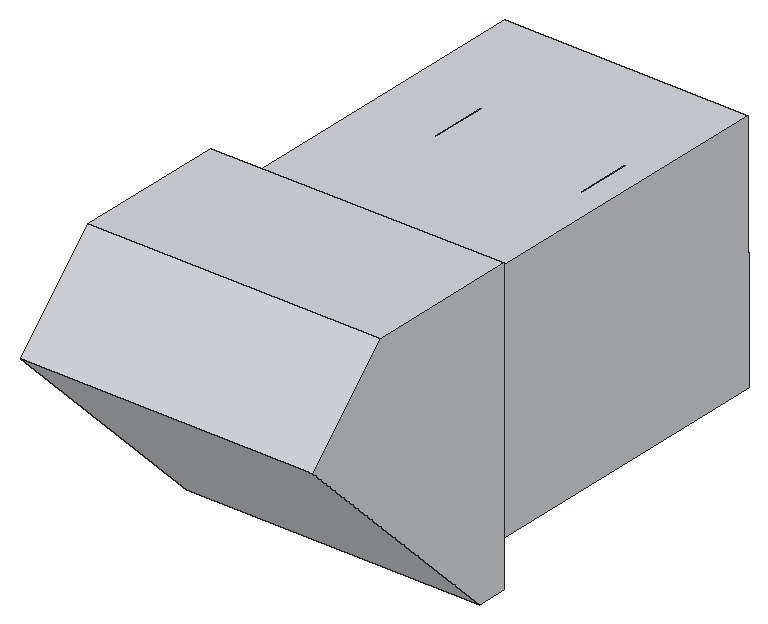
Revit family "XMPH_SUPPLY", category Mechanical Equipment, Revit 2019
Family settings
  Round Connector Dimension = Use Diameter
  Part Type = Normal
  Work Plane-Based = No
  Always vertical = Yes
  Cut with Voids When Loaded = No
  Shared = No
  Room Calculation Point = No
Parameters (values of type "20_XMPH_SUPPLY")
  WO_PAC = B_PAC + 0' 0 1/4"  # 2' - 1 1/4"
  WH_C = WH_B + 0' 3"  # 2' - 9"
  WH_B/2 = WH_B / 2  # 1' - 3"
  WH_B = 2' - 6"
  WH_A = 2' - 0 3/8"
  WEATHER_HOOD [instance] = yes
  Unit Weight [instance] = ""
  Sones [instance] = ""
  SIZE/2 = SIZE / 2  # 0' - 11 15/16"
  SIZE = D - 0' 0 1/8"  # 1' - 11 7/8"
  Motor RPM [instance] = ""
  Motor Enclosure [instance] = ""
  ModelID [instance] = ""
  MOTOR = D / 10  # 0' - 2.4"
  LwA [instance] = ""
  Fan RPM [instance] = ""
  D_PAC/2 = D_PAC / 2 - 0' 4"  # 1' - 1 3/16"
  D_PAC = 2' - 10 3/8"
  D/2 = D / 2  # 1' - 0"
  D = 2' - 0"
  E/2 = E / 2  # 0' - 1"
  E = 0' - 2"
  C_PAC/2 = C_PAC / 2  # 0' - 11"
  C_PAC = 1' - 10"
  C/2 = C / 2  # 0' - 2 5/8"
  C = 0' - 5 1/4"
  B_PAC/2 = B_PAC / 2  # 1' - 0 1/2"
  B_PAC = 2' - 1"
  B/4 = B / 4  # 0' - 4 49/64"
  B/2 = B / 2  # 0' - 9 17/32"
  B = 1' - 7 1/16"
  Accessories [instance] = ""
  A_PAC/2 = A_PAC / 2  # 1' - 1 3/4"
  A_PAC = 2' - 3 1/2"
  A/7 = A / 7  # 0' - 3.45536"
  A/3.5 = A / 3.5  # 0' - 6.91071"
  A/2 = A / 2  # 1' - 0 3/32"
  A = 2' - 0 3/16"
  90 = 90.00°  # constant formula
  9" = 0' - 9"  # constant formula
  4'6" = 4' - 6"  # constant formula
  3" = 0' - 3"  # constant formula
  Brake Hp [instance] = ""
  4" = 0' - 4"  # constant formula
  2' = 2' - 0"
  2" = 0' - 2"  # constant formula
  135 = 135.00°  # constant formula
  1" = 0' - 1"  # constant formula
  0 = 0' - 0"  # constant formula
  Voltage [instance] = 0 V
  URL = "www.lorencook.com"
  Type Comments = "Heavy Duty Medium-Pressure Wall-Pac Supply Fan Steel Propeller Belt Drive"  # constant formula
  Static Pressure [instance] = 0.00 in-wg
  Power [instance] = Voltage * Motor FLA * sqrt(if(Phase = 3, 3, 1))  # 0 VA
  Phase [instance] = 0
  Number of Poles [instance] = 1
  Motor Hp [instance] = "0"
  Motor FLA [instance] = 0 A
  Model = "XMPH_SUPPLY"  # constant formula
  Manufacturer = "Loren Cook Company"
  CFM [instance] = 0 CFM
  1.5 = 0' - 1 1/2"  # constant formula
  1/2 = 0' - 0 1/2"  # constant formula
  ONE EIGTH = 0' - 0 1/8"  # constant formula
  -WH_B/2 = -WH_B / 2  # -1' - 3"
  -D_PAC/2 = -D_PAC / 2 - 0' 4"  # -1' - 9 3/16"
  -D = -E  # -0' - 2"
  -C/2 = -C / 2  # -0' - 2 5/8"
  -B+1" = -B + 0' 2"  # -1' - 5 1/16"
  -B = -B  # -1' - 7 1/16"
  -((SIZE/2)-.25") = -((SIZE / 2) - 0' 0 1/4")  # -0' - 11 11/16"
  -((A/2)-C-.5") = -((A / 2) - C - 0' 0 1/2")  # -0' - 6 11/32"
  (SIZE/2)-.25" = (SIZE / 2) - 0' 0 1/4"  # 0' - 11 11/16"
  (D_SUP/2)-(C/2)-.125" = (D / 2) - (C / 2) - 0' 0 1/8"  # 0' - 9 1/4"
  (A/2)-C-.5" = (A / 2) - C - 0' 0 1/2"  # 0' - 6 11/32"
  (A/2)-1" = (A / 2) - 0' 0 1/4"  # 0' - 11 27/32"
Types (9): name | WO_PAC | WH_C | WH_B/2 | WH_B | WH_A | SIZE/2 | SIZE | MOTOR | D_PAC/2 | D_PAC | D/2 | D | E/2 | E | C_PAC/2 | C_PAC | C/2 | C | B_PAC/2 | B_PAC | B/4 | B/2 | B | A_PAC/2 | A_PAC | A/7 | A/3.5 | A/2 | A | -WH_B/2 | -D_PAC/2 | -D | -C/2 | -B+1" | -B | -((SIZE/2)-.25") | -((A/2)-C-.5") | (SIZE/2)-.25" | (D_SUP/2)-(C/2)-.125" | (A/2)-C-.5" | (A/2)-1"
  (no name) | 2' - 1 1/4" | 2' - 9" | 1' - 3" | 2' - 6" | 2' - 0 3/8" | 0' - 11 15/16" | 1' - 11 7/8" | 0' - 2.4" | 1' - 1 3/16" | 2' - 10 3/8" | 1' - 0" | 2' - 0" | 0' - 1" | 0' - 2" | 0' - 11" | 1' - 10" | 0' - 2 5/8" | 0' - 5 1/4" | 1' - 0 1/2" | 2' - 1" | 0' - 4 49/64" | 0' - 9 17/32" | 1' - 7 1/16" | 1' - 1 3/4" | 2' - 3 1/2" | 0' - 3.45536" | 0' - 6.91071" | 1' - 0 3/32" | 2' - 0 3/16" | -1' - 3" | -1' - 9 3/16" | -0' - 2" | -0' - 2 5/8" | -1' - 5 1/16" | -1' - 7 1/16" | -0' - 11 11/16" | -0' - 6 11/32" | 0' - 11 11/16" | 0' - 9 1/4" | 0' - 6 11/32" | 0' - 11 27/32"
  24_XMPH_SUPPLY | 2' - 7 1/4" | 3' - 1" | 1' - 5" | 2' - 10" | 2' - 3 1/8" | 1' - 2 15/16" | 2' - 5 7/8" | 0' - 3" | 1' - 1 3/16" | 2' - 10 3/8" | 1' - 3" | 2' - 6" | 0' - 1 1/2" | 0' - 3" | 1' - 1 3/4" | 2' - 3 1/2" | 0' - 3 3/8" | 0' - 6 3/4" | 1' - 3 1/2" | 2' - 7" | 0' - 4 49/64" | 0' - 9 17/32" | 1' - 7 1/16" | 1' - 4 3/4" | 2' - 9 1/2" | 0' - 4 5/16" | 0' - 8 5/8" | 1' - 3 3/32" | 2' - 6 3/16" | -1' - 5" | -1' - 9 3/16" | -0' - 3" | -0' - 3 3/8" | -1' - 5 1/16" | -1' - 7 1/16" | -1' - 2 11/16" | -0' - 7 27/32" | 1' - 2 11/16" | 0' - 11 1/2" | 0' - 7 27/32" | 1' - 2 27/32"
  30_XMPH_SUPPLY | 3' - 1 1/4" | 3' - 7" | 1' - 8" | 3' - 4" | 2' - 7 7/16" | 1' - 5 15/16" | 2' - 11 7/8" | 0' - 3.6" | 1' - 3" | 3' - 2" | 1' - 6" | 3' - 0" | 0' - 1 1/2" | 0' - 3" | 1' - 4 3/4" | 2' - 9 1/2" | 0' - 3 3/8" | 0' - 6 3/4" | 1' - 6 1/2" | 3' - 1" | 0' - 4 49/64" | 0' - 9 17/32" | 1' - 7 1/16" | 1' - 7 3/4" | 3' - 3 1/2" | 0' - 5.16964" | 0' - 10.33929" | 1' - 6 3/32" | 3' - 0 3/16" | -1' - 8" | -1' - 11" | -0' - 3" | -0' - 3 3/8" | -1' - 5 1/16" | -1' - 7 1/16" | -1' - 5 11/16" | -0' - 10 27/32" | 1' - 5 11/16" | 1' - 2 1/2" | 0' - 10 27/32" | 1' - 5 27/32"
  36_XMPH_SUPPLY | 3' - 7 1/4" | 4' - 1" | 1' - 11" | 3' - 10" | 2' - 11 11/16" | 1' - 8 15/16" | 3' - 5 7/8" | 0' - 4.2" | 1' - 3 3/4" | 3' - 3 1/2" | 1' - 9" | 3' - 6" | 0' - 1 1/2" | 0' - 3" | 1' - 7 3/4" | 3' - 3 1/2" | 0' - 3 11/16" | 0' - 7 3/8" | 1' - 9 1/2" | 3' - 7" | 0' - 4 49/64" | 0' - 9 17/32" | 1' - 7 1/16" | 1' - 10 3/4" | 3' - 9 1/2" | 0' - 6.02679" | 1' - 0.05357" | 1' - 9 3/32" | 3' - 6 3/16" | -1' - 11" | -1' - 11 3/4" | -0' - 3" | -0' - 3 11/16" | -1' - 5 1/16" | -1' - 7 1/16" | -1' - 8 11/16" | -1' - 1 7/32" | 1' - 8 11/16" | 1' - 5 3/16" | 1' - 1 7/32" | 1' - 8 27/32"
  42_XMPH_SUPPLY | 4' - 1 5/16" | 4' - 7" | 2' - 2" | 4' - 4" | 3' - 3 15/16" | 1' - 11 15/16" | 3' - 11 7/8" | 0' - 4.8" | 1' - 4 1/2" | 3' - 5" | 2' - 0" | 4' - 0" | 0' - 1 1/2" | 0' - 3" | 1' - 10 3/4" | 3' - 9 1/2" | 0' - 3 25/32" | 0' - 7 9/16" | 2' - 0 17/32" | 4' - 1 1/16" | 0' - 5 11/64" | 0' - 10 11/32" | 1' - 8 11/16" | 2' - 1 3/4" | 4' - 3 1/2" | 0' - 6.88393" | 1' - 1.76786" | 2' - 0 3/32" | 4' - 0 3/16" | -2' - 2" | -2' - 0 1/2" | -0' - 3" | -0' - 3 25/32" | -1' - 6 11/16" | -1' - 8 11/16" | -1' - 11 11/16" | -1' - 4 1/32" | 1' - 11 11/16" | 1' - 8 3/32" | 1' - 4 1/32" | 1' - 11 27/32"
  48_XMPH_SUPPLY | 4' - 7 5/16" | 5' - 1" | 2' - 5" | 4' - 10" | 3' - 8 3/16" | 2' - 2 15/16" | 4' - 5 7/8" | 0' - 5.4" | 1' - 9 1/2" | 4' - 3" | 2' - 3" | 4' - 6" | 0' - 1 1/2" | 0' - 3" | 2' - 1 3/4" | 4' - 3 1/2" | 0' - 3 15/16" | 0' - 7 7/8" | 2' - 3 17/32" | 4' - 7 1/16" | 0' - 6 37/64" | 1' - 1 5/32" | 2' - 2 5/16" | 2' - 4 3/4" | 4' - 9 1/2" | 0' - 7.74107" | 1' - 3.48214" | 2' - 3 3/32" | 4' - 6 3/16" | -2' - 5" | -2' - 5 1/2" | -0' - 3" | -0' - 3 15/16" | -2' - 0 5/16" | -2' - 2 5/16" | -2' - 2 11/16" | -1' - 6 23/32" | 2' - 2 11/16" | 1' - 10 15/16" | 1' - 6 23/32" | 2' - 2 27/32"
  54_XMPH_SUPPLY | 5' - 1 3/8" | 5' - 7" | 2' - 8" | 5' - 4" | 4' - 0 7/16" | 2' - 5 15/16" | 4' - 11 7/8" | 0' - 6" | 1' - 8" | 4' - 0" | 2' - 6" | 5' - 0" | 0' - 1 1/2" | 0' - 3" | 2' - 4 3/4" | 4' - 9 1/2" | 0' - 3 7/8" | 0' - 7 3/4" | 2' - 6 9/16" | 5' - 1 1/8" | 0' - 6 37/64" | 1' - 1 5/32" | 2' - 2 5/16" | 2' - 7 3/4" | 5' - 3 1/2" | 0' - 8.59821" | 1' - 5.19643" | 2' - 6 3/32" | 5' - 0 3/16" | -2' - 8" | -2' - 4" | -0' - 3" | -0' - 3 7/8" | -2' - 0 5/16" | -2' - 2 5/16" | -2' - 5 11/16" | -1' - 9 27/32" | 2' - 5 11/16" | 2' - 2" | 1' - 9 27/32" | 2' - 5 27/32"
  60_XMPH_SUPPLY | 5' - 7 3/8" | 6' - 1" | 2' - 11" | 5' - 10" | 4' - 4 5/8" | 2' - 8 15/16" | 5' - 5 7/8" | 0' - 6.6" | 1' - 8" | 4' - 0" | 2' - 9" | 5' - 6" | 0' - 1 1/2" | 0' - 3" | 2' - 7 3/4" | 5' - 3 1/2" | 0' - 3 15/16" | 0' - 7 7/8" | 2' - 9 9/16" | 5' - 7 1/8" | 0' - 6 37/64" | 1' - 1 5/32" | 2' - 2 5/16" | 2' - 10 3/4" | 5' - 9 1/2" | 0' - 9.45536" | 1' - 6.91071" | 2' - 9 3/32" | 5' - 6 3/16" | -2' - 11" | -2' - 4" | -0' - 3" | -0' - 3 15/16" | -2' - 0 5/16" | -2' - 2 5/16" | -2' - 8 11/16" | -2' - 0 23/32" | 2' - 8 11/16" | 2' - 4 15/16" | 2' - 0 23/32" | 2' - 8 27/32"
  20_XMPH_SUPPLY | 2' - 1 1/4" | 2' - 9" | 1' - 3" | 2' - 6" | 2' - 0 3/8" | 0' - 11 15/16" | 1' - 11 7/8" | 0' - 2.4" | 1' - 1 3/16" | 2' - 10 3/8" | 1' - 0" | 2' - 0" | 0' - 1" | 0' - 2" | 0' - 11" | 1' - 10" | 0' - 2 5/8" | 0' - 5 1/4" | 1' - 0 1/2" | 2' - 1" | 0' - 4 49/64" | 0' - 9 17/32" | 1' - 7 1/16" | 1' - 1 3/4" | 2' - 3 1/2" | 0' - 3.45536" | 0' - 6.91071" | 1' - 0 3/32" | 2' - 0 3/16" | -1' - 3" | -1' - 9 3/16" | -0' - 2" | -0' - 2 5/8" | -1' - 5 1/16" | -1' - 7 1/16" | -0' - 11 11/16" | -0' - 6 11/32" | 0' - 11 11/16" | 0' - 9 1/4" | 0' - 6 11/32" | 0' - 11 27/32"
Reference planes (in)
  plane 1 "Center (Front/Back)": y = 0
  plane 2: z = 0
  plane 3 "Center (Left/Right)": x = 0.40541
Forms (in)
  Revolve 1, solid
    sketch origin (0.40541, 0, 0) x (0, 1, 0) y (0, 0, 1)
      loop
        line (-3.625, 2.625) -> (-3.625, 0) -> (-2.625, 0) -> (-2.625, 2.625) -> (-3.625, 2.625)
      axis (-3.625, 0) -> (-2.625, 0)
    angle from 0 to 360
  Extrusion 2, solid
    sketch origin (0.40541, 0, 0) x (0, 1, 0) y (0, 0, 1)
      loop
        line (0, -2.625) -> (-5.25, 2.625) -> (-5.33839, 2.53661) -> (-0.08839, -2.71339) -> (0, -2.625)
    from 48 to 2.625 <- "C/2"
  Extrusion 3, solid
    sketch origin (0.40541, 0, 0) x (0, 1, 0) y (-1, 0, 0)
      loop
        line (0, -2.625) -> (-5.25, 2.625) -> (-5.33839, 2.53661) -> (-0.08839, -2.71339) -> (0, -2.625)
    from 48 to 2.625 <- "C/2"
  Extrusion 4, solid
    sketch origin (0.40541, 0, 0) x (0, 1, 0) y (0, 0, -1)
      loop
        line (0, -2.625) -> (-5.25, 2.625) -> (-5.33839, 2.53661) -> (-0.08839, -2.71339) -> (0, -2.625)
    from 48 to 2.625 <- "C/2"
  Extrusion 5, solid
    sketch origin (0.40541, 0, 0) x (1, 0, 0) y (0, 1, 0)
      loop
        line (-2.625, 0) -> (-2.71339, -0.08839) -> (2.53661, -5.33839) -> (2.625, -5.25) -> (-2.625, 0)
    from -48 to -2.625 <- "-C/2"
  Extrusion 6, void
    sketch origin (0, 0, 0) x (1, 0, 0) y (0, 0, 1)
      loop
        circle (0.40541, 0) r 9.25
      loop
        circle (0.40541, 0) r 54
    from 0 to 10
  Extrusion 7, solid
    sketch origin (0, 0, 0) x (1, 0, 0) y (0, 0, 1)
      loop
        line (-11.68834, 12.09375) -> (-11.68834, -12.09375) -> (12.49916, -12.09375) -> (12.49916, 12.09375) -> (-11.68834, 12.09375)
      loop
        circle (0.40541, 0) r 12
    from 0 to -0.125
  Extrusion 8, solid
    sketch origin (0, 0, 0) x (1, 0, 0) y (0, 0, 1)
      loop
        line (-11.68834, 12.09375) -> (-11.68834, -12.09375) -> (12.49916, -12.09375) -> (12.49916, 12.09375) -> (-11.68834, 12.09375)
      loop
        line (12.37416, -11.96875) -> (12.37416, 11.96875) -> (-11.56334, 11.96875) -> (-11.56334, -11.96875) -> (12.37416, -11.96875)
    from 0 to -2 <- "-D"
  Extrusion 9, solid
    sketch origin (0, 0, 0) x (1, 0, 0) y (0, 0, 1)
      loop
        circle (0.40541, 0) r 1
    from 2 to -19.0625 <- "-B"
  Extrusion 10, solid
    sketch origin (0, 0, 0) x (1, 0, 0) y (0, 0, 1)
      loop
        line (-6.5053, -2) -> (-6.5053, -11) -> (-6.3803, -11) -> (-6.3803, -3.5) -> (7.19113, -3.5) -> (7.19113, -11) -> (7.31613, -11) -> (7.31613, -2) -> (-6.5053, -2)
    from 0 to -17.0625 <- "-B+1""
  Sweep 11, solid
    path origin (0.40541, 0, 0) x (0, 1, 0) y (0, 0, 1)
      loop
        line (0.125, 10.96875) -> (11.29687, 10.96875)
        arc (11.29687, 10.96875) -> (14.66668, 9.57293) -> (16.0625, 6.20312) r 4.76563
        line (16.0625, 6.20312) -> (16.0625, -6.20312)
        arc (16.0625, -6.20312) -> (14.66668, -9.57293) -> (11.29687, -10.96875) r 4.76563
        line (11.29687, -10.96875) -> (0.125, -10.96875)
    profile origin (0.40541, 5.71094, 10.96875) x (0, 0, 1) y (1, 0, 0)
      loop
        circle (0, -7.41071) r 0.5
      loop
        circle (0, 7.41071) r 0.5
  Revolve 12, solid
    sketch origin (0.40541, 0, 0) x (0, 1, 0) y (0, 0, 1)
      loop
        arc (-0.125, 12) -> (-2.75, 9.375) -> (-5.375, 12) r 2.625
        line (-5.375, 12) -> (-5.5, 12)
        arc (-5.5, 12) -> (-2.75, 9.25) -> (0, 12) r 2.75
        line (0, 12) -> (-0.125, 12)
      axis (-5.5, 0) -> (0, 0)
    angle from 0 to 360
  Extrusion 13, solid
    sketch origin (0, 17.0625, 0) x (-1, 0, 0) y (0, 0, 1)
      loop
        circle (-0.40541, -5.9) r 2.4
    from 0 to -17.0625 <- "-B+1""
  Extrusion 14, solid
    sketch origin (0, 19.0625, 0) x (-1, 0, 0) y (0, 0, 1)
      loop
        circle (-0.40541, -5.9) r 1
    from 0 to -2
  Extrusion 15, solid
    sketch origin (0, 17.0625, 0) x (-1, 0, 0) y (0, 0, 1)
      loop
        line (-3.40541, -0.5) -> (-3.40541, -2) -> (2.59459, -2) -> (2.59459, -0.5) -> (1.53108, -0.5)
        arc (1.53108, -0.5) -> (-0.40541, 2) -> (-2.3419, -0.5) r 2
        line (-2.3419, -0.5) -> (-3.40541, -0.5)
    from -2.5 to -1
  Extrusion 16, solid
    sketch origin (0, 0, 0) x (1, 0, 0) y (0, 0, 1)
      loop
        arc (2.3419, -0.5) -> (0.40541, 2) -> (-1.53108, -0.5) r 2
        line (-1.53108, -0.5) -> (-2.59459, -0.5) -> (-2.59459, -2) -> (3.40541, -2) -> (3.40541, -0.5) -> (2.3419, -0.5)
    from -2.5 to -1
  Extrusion 17, solid
    sketch origin (0, 0, 0) x (1, 0, 0) y (0, 0, 1)
      loop
        line (-11.96959, 12.375) -> (-11.96959, -12.375) -> (12.78041, -12.375) -> (12.78041, 12.375) -> (-11.96959, 12.375)
      loop
        line (12.90541, -12.5) -> (12.90541, 12.5) -> (-12.09459, 12.5) -> (-12.09459, -12.5) -> (12.90541, -12.5)
    from -21.1875 <- "-D_PAC/2" to 13.1875 <- "D_PAC/2"
  Extrusion 18, solid
    sketch origin (0, -13.1875, 0) x (1, 0, 0) y (0, 0, 1)
      loop
        line (-13.34459, 13.75) -> (-13.34459, -13.75) -> (14.15541, -13.75) -> (14.15541, 13.75) -> (-13.34459, 13.75)
      loop
        line (11.40541, -11) -> (11.40541, 11) -> (-10.59459, 11) -> (-10.59459, -11) -> (11.40541, -11)
    from 0 to 0.125
  Extrusion 19, solid
    sketch origin (0, -13.3125, 0) x (1, 0, 0) y (0, 0, 1)
      loop
        line (-8.59459, 9) -> (-8.59459, -9) -> (9.40541, -9) -> (9.40541, 9) -> (-8.59459, 9)
      loop
        line (11.40541, -11) -> (11.40541, 11) -> (-10.59459, 11) -> (-10.59459, -11) -> (11.40541, -11)
    from 0 to 2
  Extrusion 20, solid, visible <- "WEATHER_HOOD"
    sketch origin (0.40541, 0, 0) x (0, 1, 0) y (0, 0, 1)
      loop
        line (-13.3125, 15) -> (-29.0625, 15) -> (-37.6875, 6.375) -> (-16.3125, -15) -> (-13.3125, -15) -> (-13.3125, 15)
    from 15 <- "WH_B/2" to -15 <- "-WH_B/2"
Cuts and joins
  Extrusion 6 cuts Revolve 1
  Extrusion 6 cuts Extrusion 2
  Extrusion 6 cuts Extrusion 3
  Extrusion 6 cuts Extrusion 4
  Extrusion 6 cuts Extrusion 5
Dimensions and locks (in)
  "0": Revolve 1 sketch curve to level  (x2)
  "C/2": Revolve 1 sketch curve to level
  "C/2": plane 1 "Center (Front/Back)" to Revolve 1 sketch curve
  "1"": Revolve 1 sketch curve to Revolve 1 sketch curve
  "0": Extrusion 2 sketch curve to plane 1 "Center (Front/Back)"
  "C": plane 1 "Center (Front/Back)" to Extrusion 2 sketch curve
  "C/2": Extrusion 2 sketch curve to level
  "C/2": level to Extrusion 2 sketch curve
  "ONE EIGTH": Extrusion 2 sketch curve to Extrusion 2 sketch curve
  "ONE EIGTH": Extrusion 3 sketch curve to Extrusion 3 sketch curve
  "ONE EIGTH": Extrusion 4 sketch curve to Extrusion 4 sketch curve
  "ONE EIGTH": Extrusion 5 sketch curve to Extrusion 5 sketch curve
  Extrusion 6 sketch curve to plane 3 "Center (Left/Right)" = 0' - 0"  (x2)
  level to Extrusion 6 sketch curve = 0' - 0"
  Extrusion 6 sketch curve to level = 0' - 0"
  "0": Extrusion 3 sketch curve to plane 1 "Center (Front/Back)"
  "C": Extrusion 3 sketch curve to plane 1 "Center (Front/Back)"
  "C/2": plane 3 "Center (Left/Right)" to Extrusion 3 sketch curve
  "C/2": Extrusion 3 sketch curve to plane 3 "Center (Left/Right)"
  "C": plane 1 "Center (Front/Back)" to Extrusion 4 sketch curve
  "0": Extrusion 4 sketch curve to plane 1 "Center (Front/Back)"
  "C/2": level to Extrusion 4 sketch curve
  "C/2": Extrusion 4 sketch curve to level
  "0": Extrusion 5 sketch curve to plane 1 "Center (Front/Back)"
  "C": Extrusion 5 sketch curve to plane 1 "Center (Front/Back)"
  "C/2": plane 3 "Center (Left/Right)" to Extrusion 5 sketch curve
  "C/2": Extrusion 5 sketch curve to plane 3 "Center (Left/Right)"
  "A/2": plane 3 "Center (Left/Right)" to Extrusion 7 sketch curve
  "A/2": Extrusion 7 sketch curve to plane 3 "Center (Left/Right)"
  "A/2": Extrusion 7 sketch curve to level
  "A/2": level to Extrusion 7 sketch curve
  "0": Extrusion 7 sketch curve to level
  "0": Extrusion 7 sketch curve to plane 3 "Center (Left/Right)"
  "ONE EIGTH": Extrusion 8 sketch curve to Extrusion 8 sketch curve  (x4)
  "A/2": plane 3 "Center (Left/Right)" to Extrusion 8 sketch curve  (x2)
  "A/2": level to Extrusion 8 sketch curve
  "A/2": Extrusion 8 sketch curve to level
  "0": Extrusion 9 sketch curve to level
  "0": Extrusion 9 sketch curve to plane 3 "Center (Left/Right)"
  "2"": level to Extrusion 10 sketch curve
  "9"": Extrusion 10 sketch curve to Extrusion 10 sketch curve  (x2)
  "A/3.5": Extrusion 10 sketch curve to plane 3 "Center (Left/Right)"
  "A/3.5": plane 3 "Center (Left/Right)" to Extrusion 10 sketch curve
  "ONE EIGTH": Sweep 11 sketch curve to plane 1 "Center (Front/Back)"  (x2)
  "1"": Extrusion 8 to Sweep 11 sketch curve  (x2)
  "0": Sweep 11 sketch curve to profile plane  (x2)
  "1/2": Sweep 11 sketch curve to Extrusion 10  (x2)
  "0": Revolve 12 sketch curve to level
  "D/2": Revolve 12 sketch curve to level  (x2)
  "C": Revolve 12 sketch curve to Revolve 12 sketch curve
  "ONE EIGTH": plane 1 "Center (Front/Back)" to Revolve 12 sketch curve
  "ONE EIGTH": Revolve 12 sketch curve to Revolve 12 sketch curve  (x2)
  "0": Revolve 12 sketch curve to Revolve 12 sketch curve
  "ONE EIGTH": Extrusion 10 sketch curve to Extrusion 10 sketch curve  (x2)
  "1.5": Extrusion 10 sketch curve to Extrusion 10 sketch curve
  "1"": Extrusion 10 to Sweep 11 sketch curve
  "0": Extrusion 13 sketch curve to plane 3 "Center (Left/Right)"
  "MOTOR": Extrusion 13 sketch curve to Extrusion 10
  "0": Extrusion 14 sketch curve to plane 3 "Center (Left/Right)"
  "MOTOR": Extrusion 14 sketch curve to Extrusion 10
  "0": Extrusion 10 to Extrusion 15 sketch curve
  "1.5": Extrusion 15 sketch curve to Extrusion 15 sketch curve
  "3"": plane 3 "Center (Left/Right)" to Extrusion 15 sketch curve  (x2)
  "0": Extrusion 15 sketch curve to plane 3 "Center (Left/Right)"
  "0": level to Extrusion 15 sketch curve
  "0": Extrusion 16 sketch curve to plane 3 "Center (Left/Right)"
  "0": Extrusion 16 sketch curve to level
  "0": Extrusion 10 to Extrusion 16 sketch curve
  "1.5": Extrusion 10 to Extrusion 16 sketch curve
  "3"": plane 3 "Center (Left/Right)" to Extrusion 16 sketch curve  (x2)
  "ONE EIGTH": Extrusion 17 sketch curve to Extrusion 17 sketch curve  (x4)
  "B_PAC/2": plane 3 "Center (Left/Right)" to Extrusion 17 sketch curve
  "B_PAC/2": Extrusion 17 sketch curve to plane 3 "Center (Left/Right)"
  "B_PAC/2": Extrusion 17 sketch curve to level
  "B_PAC/2": level to Extrusion 17 sketch curve
  "A_PAC/2": plane 3 "Center (Left/Right)" to Extrusion 18 sketch curve
  "A_PAC/2": Extrusion 18 sketch curve to plane 3 "Center (Left/Right)"
  "A_PAC/2": Extrusion 18 sketch curve to level
  "A_PAC/2": level to Extrusion 18 sketch curve
  "C_PAC/2": level to Extrusion 18 sketch curve
  "C_PAC/2": Extrusion 18 sketch curve to level
  "C_PAC/2": plane 3 "Center (Left/Right)" to Extrusion 18 sketch curve  (x2)
  "2"": Extrusion 19 sketch curve to Extrusion 19 sketch curve  (x4)
  "C_PAC/2": plane 3 "Center (Left/Right)" to Extrusion 19 sketch curve  (x2)
  "C_PAC/2": Extrusion 19 sketch curve to level
  "C_PAC/2": level to Extrusion 19 sketch curve
  "0": Extrusion 18 to Extrusion 20 sketch curve
  "WH_A": Extrusion 20 sketch curve to Extrusion 20 sketch curve
  "WH_B/2": Extrusion 20 sketch curve to level  (x2)
  "3"": Extrusion 20 sketch curve to Extrusion 20 sketch curve
  "(D_SUP/2)-(C/2)-.125"": radius of Extrusion 6 sketch curve
  "D/2": radius of Extrusion 7 sketch curve
  "1"": radius of Extrusion 9 sketch curve
  "B/4": radius of Sweep 11 sketch curve  (x2)
  "1/2": radius of Sweep 11 sketch curve  (x2)
  "MOTOR": radius of Extrusion 13 sketch curve
  "1"": radius of Extrusion 14 sketch curve
  "2"": radius of Extrusion 15 sketch curve
  "2"": radius of Extrusion 16 sketch curve
  "4'6"": radius of Extrusion 6 sketch curve
  "135": angle Extrusion 20 sketch curve to Extrusion 20 sketch curve
  "90": angle Extrusion 20 sketch curve to Extrusion 20 sketch curve
Automatic sketch dimensions
  Revolve 1 sketch curve to plane 1 "Center (Front/Back)" = 0' - 0"
  Revolve 1 sketch curve to Revolve 1 sketch curve = 2' - 2"
  plane 1 "Center (Front/Back)" to Revolve 12 sketch curve = 0' - 3 1/4"
  Revolve 12 sketch curve to Revolve 12 sketch curve = 0' - 1.44822"
  Extrusion 15 sketch curve to Extrusion 15 sketch curve = 0' - 1.06351"
  Extrusion 16 sketch curve to Extrusion 16 sketch curve = 0' - 1.06351"
  Extrusion 16 sketch curve to Extrusion 16 sketch curve = 0' - 0"  (x2)
Connectors (in)
  electrical at (0.40541, 0, -5.9)
    settings: on Extrusion 13, index 2, voltage 0 V, apparent load 0 VA, apparent load phase1 0 VA, apparent load phase2 0 VA, apparent load phase3 0 VA, power factor 1, load classification "Other", number of poles 1, system type 30, power factor state 1, is connector primary yes, connector utility no, sub classification motor no, connector description ""
  hvac at (0.40541, -15.3125, 0), driven by "CFM", driven by "WO_PAC", driven by "WO_PAC"
    settings: on Extrusion 19, index 3, duct flow 0 CFM, flow factor 0, pres drop 0.00 in-wg, loss coef 0, conn angle 0.00°, conn width 25 1/4", conn height 25 1/4", conn diameter 24", duct sys type 1, conn prof type 1, flow config 0, flow direction 1, loss method 0, conn ref index -1, conn util no, is conn primary yes, conn desc ""
  hvac at (0.40541, 21.1875, 0), driven by "CFM", driven by "WO_PAC", driven by "WO_PAC"
    settings: on Extrusion 17, index 4, duct flow 0 CFM, flow factor 0, pres drop 0.00 in-wg, loss coef 0, conn angle 0.00°, conn width 25 1/4", conn height 25 1/4", conn diameter 24", duct sys type 1, conn prof type 1, flow config 0, flow direction 2, loss method 0, conn ref index -1, conn util no, is conn primary no, conn desc ""
